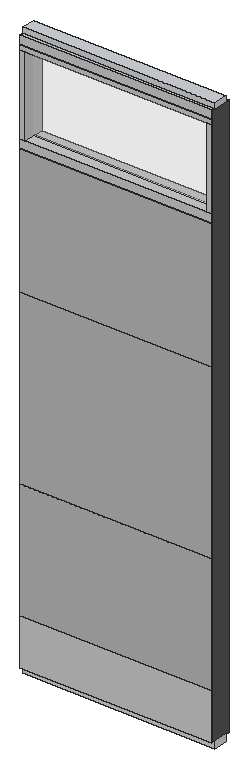
Revit family "Haworth_Enclose_Wall_SolidTransom", category Furniture Systems, Revit 2018
Family settings
  Round Connector Dimension = Use Diameter
  Part Type = Normal
  OmniClass Number = 23.25.40.14
  OmniClass Title = Demountable Partitions
  Work Plane-Based = No
  Always vertical = Yes
  Cut with Voids When Loaded = No
  Shared = Yes
  Room Calculation Point = No
Parameters (values of type "36" x 108"")
  Warranty = "http://www.haworth.com/resources/product-info/warranties"
  URL - Product = "http://www.haworth.com/products/architectural-interiors/moveable-walls/enclose"
  Type Comments = ""
  Sustainability Info = "http://www.haworth.com/company-info/sustainablility"
  Raceway Finish = Haworth _ Metal _ Brushed Aluminum
  Panel 3 Front Finish [instance] = Haworth _ Paint _ Smoke
  Panel 3 Back Finish [instance] = Haworth _ Paint _ Smoke
  Panel 2 Front Finish [instance] = Haworth _ Paint _ Smoke
  Panel 2 Back Finish [instance] = Haworth _ Paint _ Smoke
  Panel 1 Front Finish [instance] = Haworth _ Paint _ Smoke
  Panel 1 Back Finish [instance] = Haworth _ Paint _ Smoke
  Model = "Haworth - Enclose"  # constant formula
  Glass Panel Depth = 0.4"  # constant formula
  Glass Finish = Haworth _ Glass _ Clear
  Frame Finish = Haworth _ Metal _ Brushed Aluminum
  End of Run Finish = Haworth _ Polymer _ Black
  Description = "Wall - Solid Transom"  # constant formula
  Ceiling Mount = yes
  Panel Size Note = "8in increments"  # constant formula
  Panel Height Note = "All Heights are A.F.F."  # constant formula
  Raceway Panel Width = Actual Width - (2 * End of Run Width)  # 35.69"
  Raceway Panel Front Height = 8.59"  # constant formula
  Raceway Panel Back Height = 8.59"  # constant formula
  PH1B = if(Raceway Panel Back, (Actual Solid Panel Height - Base Height - Raceway Panel Back Height), (Actual Solid Panel Height - Base Height))  # 78.16"
  Raceway Panel Front = yes
  Raceway Panel Back = yes
  Panel Width 2 = Actual Width - (2 * Vertical Frame Width) - (2 * End of Run Width)  # 33.94"
  Panel Height 2 = Actual Height - Actual Solid Panel Height - Horizontal Transom Frame Width - Horizontal Top Adjuster Width - Horizontal Frame Width  # 14.875"
  Offset Front = if(Raceway Panel Front, Raceway Panel Front Height + Base Height, Base Height)  # 9.84"
  Offset Back = if(Raceway Panel Back, Raceway Panel Back Height + Base Height, Base Height)  # 9.84"
  Max # of Panels = if(PH1F < 24", 2, if(PH1B < 24", 2, 3))  # 3
  Material Options = "http://surfaces.haworth.com/"
  Width = 36"
  Vertical Frame Width = 0.875"  # constant formula
  URL = "www.haworth.com"
  Size = "Verify Final Dim. w/ Haworth"  # constant formula
  Revision Number = "3"  # constant formula
  Panel Width 1 = Actual Width - (2 * End of Run Width)  # 35.69"
  PH1F = if(Raceway Panel Front, (Actual Solid Panel Height - Base Height - Raceway Panel Front Height), (Actual Solid Panel Height - Base Height))  # 78.16"
  Panel Depth = 0.5"  # constant formula
  Min/Max Width = "8-60 in."  # constant formula
  Min/Max Height = "92-144 in."  # constant formula
  Horizontal Transom Frame Width = 1.625"  # constant formula
  Horizontal Top Trim Width = 1.43"  # constant formula
  Horizontal Top Adjuster Width = Cap Height + Horizontal Top Trim Width + 0.195"  # 2.625"
  Horizontal Bottom Adjuster Width = Base Height + Horizontal Bottom Trim Width + 0.195"  # 3.87"
  Glass Offset = Horizontal Bottom Adjuster Width + Horizontal Frame Width  # 4.745"
  Min. Width = 8"  # constant formula
  Max. Width = 60"  # constant formula
  Min. Height = 92"  # constant formula
  Max. Height = 144"  # constant formula
  Manufacturer = "Haworth"  # constant formula
  Horizontal Frame Width = 0.875"  # constant formula
  Horizontal Bottom Trim Width = 2.425"  # constant formula
  Height = 108"
  End of Run Width = 0.155"  # constant formula
  Frame Depth = 4"  # constant formula
  End of Run Right Width [instance] = if(End of Run Right, 1.845", End of Run Width)  # 0.155"
  End of Run Right [instance] = no
  End of Run Left Width [instance] = if(End of Run Left, 1.845", End of Run Width)  # 0.155"
  End of Run Left [instance] = no
  Cap Height = 1"  # constant formula
  Base Height = 1.25"  # constant formula
  Author = "SHAPE Environments, LLC"  # constant formula
  Assembly Code = "C1010200"
  Actual Width = if(Width < Min. Width, Min. Width, if(Width > Max. Width, Max. Width, Width))  # 36"
  Transom Panel Height = Actual Height - Actual Solid Panel Height  # 20"
  Actual Height = if(Height < Min. Height, Min. Height, if(Height > Max. Height, Max. Height, Height))  # 108"
  AFF Solid Panel Height = 88"
  Actual Solid Panel Height = if(AFF Solid Panel Height < 24.59" + Base Height, 24.59" + Base Height, if(AFF Solid Panel Height > Actual Height - Cap Height - 8", Actual Height - Cap Height - 8", AFF Solid Panel Height))  # 88"
  Actual # of Panels Front = if(# of Panels Front > Max # of Panels, Max # of Panels, if(# of Panels Front < 1, 1, # of Panels Front))  # 3
  Actual # of Panels Back = if(# of Panels Back > Max # of Panels, Max # of Panels, if(# of Panels Back < 1, 1, # of Panels Back))  # 3
  # of Panels Front = 3
  # of Panels Back = 3
  Actual Panel 2 Front Height = if(not(Actual Solid Panel Height > 25.84"), Actual Panel 1 Front Height + 4", if(Panel 2 Front Height < Actual Panel 1 Front Height + 8", Actual Panel 1 Front Height + 8", if(Panel 2 Front Height > Actual Solid Panel Height - 8", Actual Solid Panel Height - 8", Panel 2 Front Height)))  # 64"
  Actual Panel 1 Front Height = if(Panel 1 Front Height < 8" + Offset Front, 8" + Offset Front, if(and(Actual # of Panels Front = 3, Panel 1 Front Height > Actual Solid Panel Height - 16"), Actual Solid Panel Height - 16", if(and(Actual # of Panels Front = 2, Panel 1 Front Height > Actual Solid Panel Height - 8"), Actual Solid Panel Height - 8", Panel 1 Front Height)))  # 32"
  Actual Panel 2 Back Height = if(not(Actual Solid Panel Height > 25.84"), Actual Panel 1 Back Height + 4", if(Panel 2 Back Height < Actual Panel 1 Back Height + 8", Actual Panel 1 Back Height + 8", if(Panel 2 Back Height > Actual Solid Panel Height - 8", Actual Solid Panel Height - 8", Panel 2 Back Height)))  # 64"
  Actual Panel 1 Back Height = if(Panel 1 Back Height < 8" + Offset Back, 8" + Offset Back, if(and(Actual # of Panels Back = 3, Panel 1 Back Height > Actual Solid Panel Height - 16"), Actual Solid Panel Height - 16", if(and(Actual # of Panels Back = 2, Panel 1 Back Height > Actual Solid Panel Height - 8"), Actual Solid Panel Height - 8", Panel 1 Back Height)))  # 32"
  Panel 2 Front Height = 64"
  Panel 1 Front Height = 32"
  Panel 2 Back Height = 64"
  Panel 1 Back Height = 32"
Types (5): name | Raceway Panel Width | Panel Width 2 | Width | Panel Width 1 | Actual Width
  36" x 108" | 35.69" | 33.94" | 36" | 35.69" | 36"
  24" x 108" | 23.69" | 21.94" | 24" | 23.69" | 24"
  30" x 108" | 29.69" | 27.94" | 30" | 29.69" | 30"
  42" x 108" | 41.69" | 39.94" | 42" | 41.69" | 42"
  48" x 108" | 47.69" | 45.94" | 48" | 47.69" | 48"
Reference planes (in)
  plane 1 "Center F/B": y = -0.17786
  plane 2: z = 0
  plane 3 "Center L/R": x = -2.36364
  plane 4 "Left": x = -20.36364
  plane 5 "Right": x = 15.63636
  plane 6 "Top": z = 108
  plane 7 "Back": y = 1.82214
  plane 8 "Front": y = -2.17786
  plane 9 "Left Frame Outside": x = -20.20864
  plane 10 "Left Frame Inside": x = -19.33364
  plane 11 "Right Frame Outside": x = 15.48136
  plane 12 "Right Frame Inside": x = 14.60636
  plane 13 "End of Run Right": x = 15.63636
  plane 14 "End of Run Left": x = -20.36364
  plane 15 "Top Frame Outside": z = 105.375
  plane 16 "Top Trim Outside": z = 107
  plane 17 "Top Frame Inside": z = 104.5
  plane 18 "Bottom Frame Outside": z = 3.87
  plane 19 "Bottom Adjuster": z = 1.25
  plane 20 "Bottom Frame Inside": z = 4.745
  plane 21 "Panel Transition": z = 88
  plane 22 "Transition Trim": z = 89.625
  plane 23 "Raceway Top Front": z = 9.84
  plane 24 "Raceway Top Back": z = 9.84
Forms (in)
  Sweep 1, solid, material "Haworth _ Polymer _ Black" <- "End of Run Finish"
    path origin (0, -0.17786, 0) x (1, 0, 0) y (0, 0, 1)
      loop
        line (-20.20864, 107) -> (-20.20864, 1.25)
    profile "Haworth_Enclose - Postcap : Left" origin (-20.20864, -0.17786, 54.125) x (1, 0, 0) y (0, -1, 0)
      loop
        line (0, 1.805) -> (-0.155, 1.805) -> (-0.155, -1.805) -> (0, -1.805) -> (0, 1.805)
  Sweep 2, solid, material "Haworth _ Polymer _ Black" <- "End of Run Finish"
    path origin (0, -0.17786, 0) x (1, 0, 0) y (0, 0, 1)
      loop
        line (15.48136, 107) -> (15.48136, 1.25)
    profile "Haworth_Enclose - Postcap : Right" origin (15.48136, -0.17786, 54.125) x (1, 0, 0) y (0, -1, 0)
      loop
        line (0, 1.805) -> (0, -1.805) -> (0.155, -1.805) -> (0.155, 1.805) -> (0, 1.805)
  Sweep 3, solid, material "Haworth _ Metal _ Brushed Aluminum" <- "Frame Finish"
    path origin (0, -0.17786, 0) x (1, 0, 0) y (0, 0, 1)
      loop
        line (15.48136, 104.5) -> (-20.20864, 104.5)
    profile "Haworth_Enclose - Horizontal_Frame : Horizontal" origin (-2.36364, -0.17786, 104.5) x (0, 0, -1) y (0, -1, 0)
      loop
        line (0, 2) -> (-0.875, 2) -> (-0.875, -2) -> (0, -2) -> (0, 2)
  Sweep 4, solid, material "Haworth _ Metal _ Brushed Aluminum" <- "Frame Finish"
    path origin (0, -0.17786, 0) x (1, 0, 0) y (0, 0, 1)
      loop
        line (-20.20864, 107) -> (15.48136, 107)
    profile "Haworth_Enclose - Horizontal_Trim : Top" origin (-2.36364, -0.17786, 107) x (0, 0, 1) y (0, -1, 0)
      loop
        line (0, 2) -> (-1.43, 2) -> (-1.43, 1.805) -> (-1.625, 1.805) -> (-1.625, -1.805) -> (-1.43, -1.805) -> (-1.43, -2) -> (0, -2) -> (0, 2)
  Sweep 5, solid, visible <- "Ceiling Mount"
    path origin (0, -0.17786, 0) x (1, 0, 0) y (0, 0, 1)
      loop
        line (-20.36364, 108) -> (15.63636, 108)
    profile "Haworth_Enclose - Horizontal_Track : Ceiling" origin (-2.36364, -0.17786, 108) x (0, 0, 1) y (0, -1, 0)
      loop
        line (0, 1.28) -> (-1, 1.28) -> (-1, -1.28) -> (0, -1.28) -> (0, 1.28)
  Sweep 6, solid
    path origin (0, -0.17786, 0) x (1, 0, 0) y (0, 0, 1)
      loop
        line (15.63636, 0) -> (-20.36364, 0)
    profile "Haworth_Enclose - Horizontal_Track : Base" origin (-2.36364, -0.17786, 0) x (0, 0, -1) y (0, -1, 0)
      loop
        line (0, 1.28) -> (-1.25, 1.28) -> (-1.25, -1.28) -> (0, -1.28) -> (0, 1.28)
  Sweep 7, solid, material "Haworth _ Metal _ Brushed Aluminum" <- "Frame Finish"
    path origin (0, -0.17786, 0) x (1, 0, 0) y (0, 0, 1)
      loop
        line (-20.20864, 89.625) -> (-20.20864, 104.5)
    profile "Haworth_Enclose - Vertical_Frame : Vertical" origin (-20.20864, -0.17786, 97.0625) x (-1, 0, 0) y (0, -1, 0)
      loop
        line (0, 2) -> (-0.875, 2) -> (-0.875, -2) -> (0, -2) -> (0, 2)
  Sweep 8, solid, material "Haworth _ Metal _ Brushed Aluminum" <- "Frame Finish"
    path origin (0, -0.17786, 0) x (1, 0, 0) y (0, 0, 1)
      loop
        line (-20.20864, 89.625) -> (15.48136, 89.625)
    profile "Haworth_Enclose - Horizontal_Trim : Transom" origin (-2.36364, -0.17786, 89.625) x (0, 0, 1) y (0, -1, 0)
      loop
        line (0, 2) -> (-1.43, 2) -> (-1.43, 1.805) -> (-1.625, 1.805) -> (-1.625, -1.805) -> (-1.43, -1.805) -> (-1.43, -2) -> (0, -2) -> (0, 2)
  Sweep 9, solid, material "Haworth _ Metal _ Brushed Aluminum" <- "Frame Finish"
    path origin (0, -0.17786, 0) x (1, 0, 0) y (0, 0, 1)
      loop
        line (15.48136, 89.625) -> (15.48136, 104.5)
    profile "Haworth_Enclose - Vertical_Frame : Vertical" origin (15.48136, -0.17786, 97.0625) x (-1, 0, 0) y (0, -1, 0)
      loop
        line (0, 2) -> (0, -2) -> (0.875, -2) -> (0.875, 2) -> (0, 2)
Lines and regions (in)
  Masking region 1
    outline origin (0, 0, 0) x (1, 0, 0) y (0, 1, 0)
      loop
        line (-20.36364, 1.82214) -> (-20.36364, -2.17786) -> (15.63636, -2.17786) -> (15.63636, 1.82214) -> (-20.36364, 1.82214)
  symbolic lines, style "Haworth", detail levels medium+fine
    curve 1: line (14.60636, 1.32214, 0) -> (14.60636, -1.67786, 0)
    curve 4: line (-19.33364, -1.67786, 0) -> (-19.33364, 1.32214, 0)
    curve 5: line (-20.36364, 1.32214, 0) -> (15.63636, 1.32214, 0)
    curve 6: line (15.63636, -1.67786, 0) -> (-20.36364, -1.67786, 0)
  symbolic lines, style "FurnitureSystemsHiddenLines", detail levels medium+fine
    curve 2: line (14.60636, -0.37786, 0) -> (-19.33364, -0.37786, 0)
    curve 3: line (14.60636, 0.02214, 0) -> (-19.33364, 0.02214, 0)
Dimensions and locks (in)
  equal spacing: plane 4 "Left", plane 3 "Center L/R", plane 5 "Right"
  "Actual Width": plane 4 "Left" to plane 5 "Right"
  "End of Run Width": plane 4 "Left" to plane 9 "Left Frame Outside"
  "Vertical Frame Width": plane 9 "Left Frame Outside" to plane 10 "Left Frame Inside"
  "End of Run Width": plane 11 "Right Frame Outside" to plane 5 "Right"
  "End of Run Right Width": plane 11 "Right Frame Outside" to plane 13 "End of Run Right"
  "End of Run Left Width": plane 14 "End of Run Left" to plane 9 "Left Frame Outside"
  "Vertical Frame Width": plane 12 "Right Frame Inside" to plane 11 "Right Frame Outside"
  equal spacing: plane 7 "Back", plane 1 "Center F/B", plane 8 "Front"
  "Frame Depth": plane 7 "Back" to plane 8 "Front"
  "Actual Height": plane 6 "Top" to level
  "Cap Height": plane 6 "Top" to plane 16 "Top Trim Outside"
  "Horizontal Frame Width": plane 15 "Top Frame Outside" to plane 17 "Top Frame Inside"
  "Base Height": plane 19 "Bottom Adjuster" to level
  "Horizontal Frame Width": plane 20 "Bottom Frame Inside" to plane 18 "Bottom Frame Outside"
  "Horizontal Bottom Adjuster Width": plane 18 "Bottom Frame Outside" to plane 2
  "Horizontal Top Adjuster Width": plane 6 "Top" to plane 15 "Top Frame Outside"
  "Actual Solid Panel Height": plane 21 "Panel Transition" to plane 2
  "Horizontal Transom Frame Width": plane 22 "Transition Trim" to plane 21 "Panel Transition"
  "Raceway Panel Front Height": plane 23 "Raceway Top Front" to plane 19 "Bottom Adjuster"
  "Raceway Panel Back Height": plane 19 "Bottom Adjuster" to plane 24 "Raceway Top Back"
  aligned and locked: Sweep 1 sketch curve to plane 9 "Left Frame Outside"
  aligned and locked: Sweep 2 sketch curve to plane 11 "Right Frame Outside"
  aligned and locked: plane 17 "Top Frame Inside" to Sweep 3 sketch curve
  aligned and locked: plane 9 "Left Frame Outside" to Sweep 3 sketch curve
  aligned and locked: plane 11 "Right Frame Outside" to Sweep 3 sketch curve
  aligned and locked: Sweep 4 sketch curve to plane 16 "Top Trim Outside"
  aligned and locked: plane 11 "Right Frame Outside" to Sweep 4 sketch curve
  aligned and locked: plane 9 "Left Frame Outside" to Sweep 4 sketch curve
  aligned and locked: plane 13 "End of Run Right" to Sweep 5 sketch curve
  aligned and locked: plane 14 "End of Run Left" to Sweep 5 sketch curve
  aligned and locked: plane 14 "End of Run Left" to Sweep 6 sketch curve
  aligned and locked: plane 13 "End of Run Right" to Sweep 6 sketch curve
  aligned and locked: plane 2 to Sweep 6 sketch curve
  aligned and locked: Sweep 5 sketch curve to plane 6 "Top"
  aligned and locked: Masking region 1 sketch curve to plane 7 "Back"
  aligned and locked: plane 8 "Front" to Masking region 1 sketch curve
  aligned and locked: plane 19 "Bottom Adjuster" to Sweep 1 sketch curve
  aligned and locked: plane 16 "Top Trim Outside" to Sweep 1 sketch curve
  aligned and locked: plane 16 "Top Trim Outside" to Sweep 2 sketch curve
  aligned and locked: plane 19 "Bottom Adjuster" to Sweep 2 sketch curve
  aligned and locked: plane 9 "Left Frame Outside" to Sweep 7 sketch curve
  aligned and locked: plane 17 "Top Frame Inside" to Sweep 7 sketch curve
  aligned and locked: Sweep 8 sketch curve to plane 22 "Transition Trim"
  aligned and locked: plane 11 "Right Frame Outside" to Sweep 8 sketch curve
  aligned and locked: plane 9 "Left Frame Outside" to Sweep 8 sketch curve
  aligned and locked: plane 22 "Transition Trim" to Sweep 7 sketch curve
  aligned and locked: plane 11 "Right Frame Outside" to Sweep 9 sketch curve
  aligned and locked: plane 17 "Top Frame Inside" to Sweep 9 sketch curve
  aligned and locked: plane 22 "Transition Trim" to Sweep 9 sketch curve
  aligned and locked: plane 3 "Center L/R" to nested 1
  aligned and locked: plane 1 "Center F/B" to nested 1
  aligned and locked: nested 1 to plane 22 "Transition Trim"
  aligned and locked: plane 3 "Center L/R" to nested 2
  aligned and locked: plane 8 "Front" to nested 2
  aligned and locked: nested 3 to plane 3 "Center L/R"
  aligned and locked: plane 7 "Back" to nested 3
  aligned and locked: nested 2 to plane 19 "Bottom Adjuster"
  aligned and locked: plane 19 "Bottom Adjuster" to nested 3
  aligned and locked: curve 5 to nested 3
  aligned and locked: curve 6 to nested 2
  aligned and locked: plane 14 "End of Run Left" to curve 5
  aligned and locked: plane 14 "End of Run Left" to curve 6
  aligned and locked: plane 13 "End of Run Right" to curve 5
  aligned and locked: plane 13 "End of Run Right" to curve 6
  aligned and locked: plane 3 "Center L/R" to nested 4
  aligned and locked: plane 8 "Front" to nested 4
  aligned and locked: nested 5 to plane 3 "Center L/R"
  aligned and locked: plane 7 "Back" to nested 5
  aligned and locked: Masking region 1 to plane 14 "End of Run Left"
  aligned and locked: plane 13 "End of Run Right" to Masking region 1
  aligned and locked: plane 21 "Panel Transition" to nested 4
  aligned and locked: nested 5 to plane 21 "Panel Transition"
  aligned and locked: curve 2 to nested 1
  aligned and locked: curve 3 to nested 1
Automatic sketch dimensions
  Masking region 1 sketch curve to plane 4 "Left" = 0"
  plane 5 "Right" to Masking region 1 sketch curve = 0"
  curve 4 to plane 10 "Left Frame Inside" = 0"
  curve 2 to plane 12 "Right Frame Inside" = 0"
Nested families (in)
  nested 1: "Haworth_Enclose - Panel_Glass" at (-3.54385, -0.14763, 89.625), type "Haworth_Enclose - Panel_Glass"
    with Panel Width 33.94", Panel Height 14.875", Panel Depth 0.4"
  nested 2: "Haworth_Enclose - Panel_Solid" at (-3.54385, -1.89763, 1.25), Panel Height <- "Raceway Panel Front Height", visible <- "Raceway Panel Front", type "Raceway Panel"
    with Panel Height 8.59"
  nested 3: "Haworth_Enclose - Panel_Solid" at (-3.54385, 1.5419, 1.25), Panel Height <- "Raceway Panel Back Height", visible <- "Raceway Panel Back", type "Raceway Panel"
    with Panel Height 8.59"
  nested 4: "Haworth_Enlcose - Panel_Solid-Tiles" at (-3.54385, -1.89763, 9.84), built-in parameter 1001364 <- "Offset Front", Panel 3 Finish <- "Panel 3 Front Finish", Panel 2 Finish <- "Panel 2 Front Finish", Panel 1 Finish <- "Panel 1 Front Finish", # of Panels <- "Actual # of Panels Front", type "Front"
    with Panel 3 Finish Haworth _ Paint _ Smoke, Panel 2 Finish Haworth _ Paint _ Smoke, Panel 1 Finish Haworth _ Paint _ Smoke, Actual # of Panels 3, 3 Panel yes, 2 Panel no, 1 Panel no, # of Panels 3, Offset 9.84", Actual 2H 54.16", Actual 1H 22.16", 2H 64", 1H 32", Actual Height 78.16"
  nested 5: "Haworth_Enlcose - Panel_Solid-Tiles" at (-3.54385, 1.5419, 9.84), built-in parameter 1001364 <- "Offset Back", Panel 3 Finish <- "Panel 3 Back Finish", Panel 2 Finish <- "Panel 2 Back Finish", Panel 1 Finish <- "Panel 1 Back Finish", # of Panels <- "Actual # of Panels Back", type "Back"
    with Panel 3 Finish Haworth _ Paint _ Smoke, Panel 2 Finish Haworth _ Paint _ Smoke, Panel 1 Finish Haworth _ Paint _ Smoke, Actual # of Panels 3, 3 Panel yes, 2 Panel no, 1 Panel no, # of Panels 3, Offset 9.84", Actual 2H 54.16", Actual 1H 22.16", 2H 64", 1H 32", Actual Height 78.16"
Definition of nested family "Haworth_Enclose - Panel_Glass"
  Parameters
    Panel Width = 36"
    Panel Height = 108"
    Panel Finish = none
    Panel Depth = 0.5"
  Reference planes (in)
    plane 1 "Center F/B": y = -0.03024
    plane 2: z = 0
    plane 3 "Center L/R": x = 1.1802
    plane 4 "Left": x = -16.8198
    plane 5 "Right": x = 19.1802
    plane 6 "Back": y = 0.21976
    plane 7 "Front": y = -0.28024
    plane 8 "Top": z = 108
  Forms (in)
    Extrusion 1, solid, material <- "Panel Finish"
      sketch origin (0, -0.03024, 0) x (1, 0, 0) y (0, 0, 1)
        loop
          line (-16.8198, 108) -> (-16.8198, 0) -> (19.1802, 0) -> (19.1802, 108) -> (-16.8198, 108)
      from -0.25 to 0.25
  Dimensions and locks (in)
    "Panel Height": plane 8 "Top" to level
    equal spacing: plane 6 "Back", plane 1 "Center F/B", plane 7 "Front"
    "Panel Depth": plane 6 "Back" to plane 7 "Front"
    equal spacing: plane 4 "Left", plane 3 "Center L/R", plane 5 "Right"
    "Panel Width": plane 4 "Left" to plane 5 "Right"
    aligned and locked: plane 4 "Left" to Extrusion 1 sketch curve
    aligned and locked: Extrusion 1 sketch curve to plane 8 "Top"
    aligned and locked: level to Extrusion 1 sketch curve
    aligned and locked: Extrusion 1 sketch curve to plane 5 "Right"
    aligned and locked: plane 6 "Back" to Extrusion 1
    aligned and locked: Extrusion 1 to plane 7 "Front"
Definition of nested family "Haworth_Enclose - Panel_Solid"
  Parameters
    URL = "www.haworth.com"
    Revision Number = "1"  # constant formula
    Revision Date = ""
    Panel Width = 35.69"
    Panel Height [instance] = 74.75"
    Panel Finish = none
    Panel Depth = 0.5"
    Manufacturer = "Haworth"  # constant formula
    Author = "SHAPE Environments, LLC"  # constant formula
    Assembly Code = ""
  Reference planes (in)
    plane 1 "Center F/B": y = -0.03024
    plane 2: z = 0
    plane 3 "Center L/R": x = 1.1802
    plane 4 "Left": x = -16.6648
    plane 5 "Right": x = 19.0252
    plane 6 "Back": y = 0.21976
    plane 7 "Front": y = -0.28024
    plane 8 "Top": z = 74.75
  Forms (in)
    Extrusion 1, solid, material <- "Panel Finish"
      sketch origin (0, -0.03024, 0) x (1, 0, 0) y (0, 0, 1)
        loop
          line (-16.6648, 74.75) -> (-16.6648, 0) -> (19.0252, 0) -> (19.0252, 74.75) -> (-16.6648, 74.75)
      from -0.25 to 0.25
  Dimensions and locks (in)
    "Panel Height": plane 8 "Top" to level
    equal spacing: plane 6 "Back", plane 1 "Center F/B", plane 7 "Front"
    "Panel Depth": plane 6 "Back" to plane 7 "Front"
    equal spacing: plane 4 "Left", plane 3 "Center L/R", plane 5 "Right"
    "Panel Width": plane 4 "Left" to plane 5 "Right"
    aligned and locked: plane 4 "Left" to Extrusion 1 sketch curve
    aligned and locked: Extrusion 1 sketch curve to plane 8 "Top"
    aligned and locked: level to Extrusion 1 sketch curve
    aligned and locked: Extrusion 1 sketch curve to plane 5 "Right"
    aligned and locked: plane 6 "Back" to Extrusion 1
    aligned and locked: Extrusion 1 to plane 7 "Front"
Definition of nested family "Haworth_Enlcose - Panel_Solid-Tiles"
  Parameters
    URL = "www.haworth.com"
    Revision Number = "1"  # constant formula
    Revision Date = ""
    Panel Width = 35.69"
    Panel Depth = 0.5"
    Offset = 9.25"
    Panel 3 Finish [instance] = none
    Actual 2H = [2H] - Offset  # 14.75"
    Actual 1H = [1H] - Offset  # 6.75"
    Actual # of Panels [instance] = if(# of Panels > 3, 3, # of Panels)  # 3
    3 Panel [instance] = Actual # of Panels = 3  # yes
    2H = 24"
    Panel 2 Finish [instance] = none
    2 Panel [instance] = Actual # of Panels = 2  # no
    1H = 16"
    Panel 1 Finish [instance] = none
    1 Panel [instance] = Actual # of Panels = 1  # no
    Manufacturer = "Haworth"  # constant formula
    Author = "SHAPE Environments, LLC"  # constant formula
    Assembly Code = ""
    Actual Height = 44.75"
    # of Panels [instance] = 3
  Reference planes (in)
    plane 1 "Center F/B": y = -0.03024
    plane 2 "Bottom": z = 0
    plane 3 "Center L/R": x = 1.1802
    plane 4 "Left": x = -16.6648
    plane 5 "Right": x = 19.0252
    plane 6 "Back": y = 0.21976
    plane 7 "Front": y = -0.28024
    plane 8 "Top": z = 44.75
    plane 9: z = 14.75
    plane 10: z = 6.75
  Forms (in)
    Extrusion 1, solid, material <- "Panel 1 Finish", visible <- "1 Panel"
      sketch origin (0, -0.03024, -6.5) x (1, 0, 0) y (0, 0, 1)
        loop
          line (-16.6648, 51.25) -> (-16.6648, 6.5) -> (19.0252, 6.5) -> (19.0252, 51.25) -> (-16.6648, 51.25)
      from -0.25 to 0.25
    Extrusion 2, solid, material <- "Panel 1 Finish", visible <- "2 Panel"
      sketch origin (0, -0.03024, -6.5) x (1, 0, 0) y (0, 0, 1)
        loop
          line (-16.6648, 13.25) -> (-16.6648, 6.5) -> (19.0252, 6.5) -> (19.0252, 13.25) -> (-16.6648, 13.25)
      from -0.25 to 0.25
    Extrusion 3, solid, material <- "Panel 2 Finish", visible <- "2 Panel"
      sketch origin (0, -0.03024, -6.5) x (1, 0, 0) y (0, 0, 1)
        loop
          line (-16.6648, 51.25) -> (-16.6648, 13.25) -> (19.0252, 13.25) -> (19.0252, 51.25) -> (-16.6648, 51.25)
      from -0.25 to 0.25
    Extrusion 4, solid, material <- "Panel 1 Finish", visible <- "3 Panel"
      sketch origin (0, -0.03024, -6.5) x (1, 0, 0) y (0, 0, 1)
        loop
          line (-16.6648, 13.25) -> (-16.6648, 6.5) -> (19.0252, 6.5) -> (19.0252, 13.25) -> (-16.6648, 13.25)
      from -0.25 to 0.25
    Extrusion 5, solid, material <- "Panel 2 Finish", visible <- "3 Panel"
      sketch origin (0, -0.03024, -6.5) x (1, 0, 0) y (0, 0, 1)
        loop
          line (-16.6648, 21.25) -> (-16.6648, 13.25) -> (19.0252, 13.25) -> (19.0252, 21.25) -> (-16.6648, 21.25)
      from -0.25 to 0.25
    Extrusion 6, solid, material <- "Panel 3 Finish", visible <- "3 Panel"
      sketch origin (0, -0.03024, -6.5) x (1, 0, 0) y (0, 0, 1)
        loop
          line (-16.6648, 51.25) -> (-16.6648, 21.25) -> (19.0252, 21.25) -> (19.0252, 51.25) -> (-16.6648, 51.25)
      from -0.25 to 0.25
  Dimensions and locks (in)
    equal spacing: plane 6 "Back", plane 1 "Center F/B", plane 7 "Front"
    "Panel Depth": plane 6 "Back" to plane 7 "Front"
    equal spacing: plane 4 "Left", plane 3 "Center L/R", plane 5 "Right"
    "Panel Width": plane 4 "Left" to plane 5 "Right"
    "Actual 1H": plane 10 to level
    "Actual 2H": plane 9 to level
    "Actual Height": plane 8 "Top" to plane 2 "Bottom"
    aligned and locked: plane 4 "Left" to Extrusion 2 sketch curve
    aligned and locked: Extrusion 2 sketch curve to plane 10
    aligned and locked: Extrusion 2 sketch curve to Extrusion 1
    aligned and locked: Extrusion 3 sketch curve to Extrusion 2  (x2)
    aligned and locked: Extrusion 3 to Extrusion 4 sketch curve
    aligned and locked: Extrusion 4 sketch curve to Extrusion 2
    aligned and locked: Extrusion 4 sketch curve to Extrusion 1
    aligned and locked: plane 4 "Left" to Extrusion 5 sketch curve
    aligned and locked: Extrusion 5 sketch curve to plane 9
    aligned and locked: Extrusion 5 sketch curve to Extrusion 2
    aligned and locked: Extrusion 5 sketch curve to Extrusion 3
    aligned and locked: Extrusion 6 sketch curve to Extrusion 5  (x2)
  Automatic sketch dimensions
    Extrusion 1 sketch curve to plane 5 "Right" = 0"
    Extrusion 1 sketch curve to plane 4 "Left" = 0"
    Extrusion 1 sketch curve to plane 8 "Top" = 0"
    Extrusion 3 sketch curve to plane 4 "Left" = 0"
    Extrusion 3 sketch curve to plane 8 "Top" = 0"
    Extrusion 6 sketch curve to plane 4 "Left" = 0"
    Extrusion 6 sketch curve to plane 8 "Top" = 0"
    level to Extrusion 1 sketch curve = 0"
    level to Extrusion 2 sketch curve = 0"
    level to Extrusion 4 sketch curve = 0"
